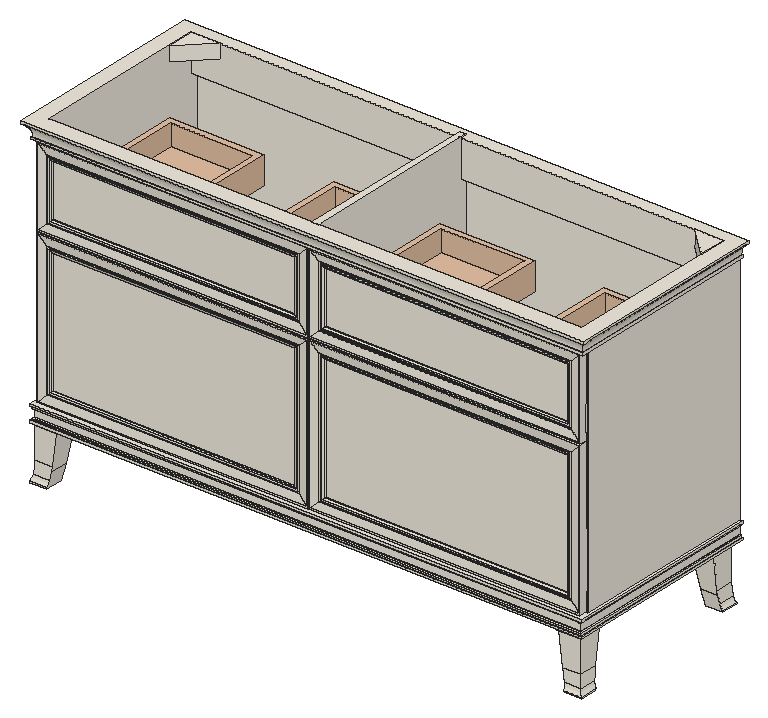
Revit family "Furniture-Floor_Mount-Vanity-KOHLER-Artifacts-K-33560", category Casework, host Face, Revit 2022 (continued)
Definition of nested family "K-33560"
  Forms (in)
    Extrusion 98, solid, detail levels medium+fine
      sketch origin (16.76609, 0, -0.01087) x (-1, 0, 0) y (0, 0, -1)
        loop
          line (15.20556, -10.63015) -> (15.3947, -10.59077)
      from -6.71135 to -6.65308
    Extrusion 99, solid, detail levels medium+fine
      sketch origin (28.77921, 0, -15.15743) x (-1, 0, 0) y (0, 0, -1)
        loop
          line (27.30906, -25.89359) -> (27.30906, -25.76761) -> (27.44685, -25.76761) -> (27.44685, -25.23611) -> (26.58071, -25.23611) -> (26.58071, -25.89359) -> (27.30906, -25.89359)
      from -6.65308 to -5.81042
    Extrusion 100, solid, detail levels medium+fine
      sketch origin (12.01312, 0, -0.01087) x (1, 0, 0) y (0, 0, 1)
        loop
          line (15.3947, 10.59077) -> (15.20556, 10.63015)
          arc (15.20556, 10.63015) -> (14.69655, 10.40376) -> (15.20556, 10.17738) r 0.30485
          line (15.20556, 10.17738) -> (15.3947, 10.21676) -> (15.50202, 10.21676) -> (15.58651, 10.40376) -> (15.50202, 10.59077) -> (15.3947, 10.59077)
      from -6.71135 to -6.65308
    Extrusion 101, solid, detail levels medium+fine
      sketch origin (0, 0, -15.15743) x (1, 0, 0) y (0, 0, 1)
        loop
          line (27.30906, 25.89359) -> (26.58071, 25.89359) -> (26.58071, 25.23611) -> (27.44685, 25.23611) -> (27.44685, 25.76761) -> (27.30906, 25.76761) -> (27.30906, 25.89359)
      from -6.65308 to -5.81042
    Extrusion 102, solid, detail levels coarse
      sketch origin (0, 0, 0) x (1, 0, 0) y (0, 1, 0)
        loop
          line (27.61933, 6.71135) -> (26.29098, 6.71135) -> (26.29098, 5.96135) -> (27.61933, 5.96135) -> (27.61933, 6.71135)
      from 9.13364 to 10.90435
    Extrusion 103, solid, detail levels coarse
      sketch origin (28.77921, 0, 0) x (-1, 0, 0) y (0, -1, 0)
        loop
          line (27.61933, -6.71135) -> (27.61933, -5.96135) -> (26.29098, -5.96135) -> (26.29098, -6.71135) -> (27.61933, -6.71135)
      from 9.13364 to 10.90435
    Extrusion 104, solid, detail levels coarse
      sketch origin (0, 0, 0) x (-1, 0, 0) y (0, -1, 0)
        loop
          line (27.61933, -6.71135) -> (27.61933, -5.96135) -> (26.29098, -5.96135) -> (26.29098, -6.71135) -> (27.61933, -6.71135)
      from 9.13364 to 10.90435
    Extrusion 105, solid, detail levels coarse
      sketch origin (-28.77921, 0, 0) x (1, 0, 0) y (0, 1, 0)
        loop
          line (27.61933, 6.71135) -> (26.29098, 6.71135) -> (26.29098, 5.96135) -> (27.61933, 5.96135) -> (27.61933, 6.71135)
      from 9.13364 to 10.90435
  Cuts and joins
    joined: Sweep 7, Extrusion 8
    joined: Sweep 10, Extrusion 12
    joined: Extrusion 4, Sweep 5, Extrusion 6, Extrusion 9, Sweep 11, Extrusion 13
    Extrusion 15 cuts Extrusion 14
    Extrusion 15 cuts Extrusion 16
    Extrusion 19 cuts Extrusion 17
    Extrusion 19 cuts Extrusion 18
    Extrusion 3, Extrusion 61, Extrusion 62 cuts Sweep 1
    Extrusion 3, Extrusion 63 cuts Extrusion 2
    joined: Sweep 1, Extrusion 2
    Extrusion 28 cuts Extrusion 27
    Extrusion 29 cuts Extrusion 30
    Extrusion 3 cuts Sweep 64
    Extrusion 3 cuts Extrusion 65
    joined: Sweep 64, Extrusion 65
    joined: Sweep 68, Extrusion 69
    joined: Sweep 70, Extrusion 71
    joined: Extrusion 74, Sweep 75
    joined: Sweep 72, Extrusion 73
    Extrusion 94 cuts Extrusion 23
    Extrusion 94 cuts Extrusion 21
  Lines and regions (in)
    Masking region 1
      outline origin (0, 1.36413, 0) x (0, 1, 0) y (0, 0, 1)
        loop
          line (-12.56492, 34.48797) -> (-12.56492, 34.17301)
          arc (-12.56492, 34.17301) -> (-12.01259, 33.64898) -> (-11.81689, 32.91319) r 1.39763
          line (-11.81689, 32.91319) -> (-11.935, 32.91319) -> (-11.935, 32.67697) -> (-10.83264, 32.67697) -> (-10.83264, 27.71645) -> (-10.87129, 27.71645)
          arc (-10.87129, 27.71645) -> (-10.9274, 27.69321) -> (-10.95064, 27.63709) r 0.07936
          line (-10.95064, 27.63709) -> (-10.95064, 32.55897) -> (-11.73804, 32.55897) -> (-11.73804, 23.97629) -> (-10.95064, 23.97629) -> (-10.95064, 24.76369) -> (-10.83264, 24.76369) -> (-10.83264, 15.51233) -> (-10.8725, 15.51233)
          arc (-10.8725, 15.51233) -> (-10.92775, 15.48944) -> (-10.95064, 15.43419) r 0.07814
          line (-10.95064, 15.43419) -> (-10.95064, 23.85848) -> (-11.73804, 23.85848) -> (-11.73804, 7.63801) -> (-10.95064, 7.63801) -> (-10.95064, 9.60682) -> (-10.83264, 9.60682) -> (-10.83264, 7.51946) -> (-12.09248, 7.51946) -> (-12.09248, 7.28324) -> (-11.97433, 7.28324) -> (-11.97433, 7.16513)
          arc (-11.97433, 7.16513) -> (-11.92386, 7.11349) -> (-11.89563, 7.04702) r 0.19515
          line (-11.89563, 7.04702) -> (-11.77748, 7.04702) -> (-11.77748, 6.18088) -> (-11.89563, 6.18088)
          arc (-11.89563, 6.18088) -> (-11.92383, 6.11439) -> (-11.97433, 6.06277) r 0.19455
          line (-11.97433, 6.06277) -> (-11.97433, 5.94466) -> (-12.09248, 5.94466) -> (-12.09248, 5.70844) -> (-11.77641, 5.70844) -> (-11.77641, 2.07893)
          arc (-11.77641, 2.07893) -> (-11.79711, 1.43081) -> (-11.85913, 0.78533) r 10.15706
          arc (-11.85913, 0.78533) -> (-11.93946, 0.43926) -> (-12.09138, 0.11812) r 1.66494
          line (-12.09138, 0.11812) -> (-12.09138, 0) -> (-10.28035, 0) -> (-10.2487, 0.11812)
          arc (-10.2487, 0.11812) -> (-10.16626, 0.45028) -> (-10.09618, 0.78527) r 9.24047
          arc (-10.09618, 0.78527) -> (-10.02912, 1.15598) -> (-9.96859, 1.52781) r 21.45238
          line (-9.96859, 1.52781) -> (-9.41421, 5.47244) -> (-7.51622, 5.47244) -> (-7.51622, 5.70844) -> (3.96134, 5.70844) -> (3.96134, 5.47244) -> (5.46586, 5.47244) -> (6.02025, 1.52781)
          arc (6.02025, 1.52781) -> (6.08078, 1.15598) -> (6.14783, 0.78527) r 21.45238
          arc (6.14783, 0.78527) -> (6.21792, 0.45028) -> (6.30036, 0.11812) r 9.24047
          line (6.30036, 0.11812) -> (6.33201, 0) -> (8.14303, 0) -> (8.14303, 0.11812)
          arc (8.14303, 0.11812) -> (7.99111, 0.43926) -> (7.91078, 0.78533) r 1.66494
          arc (7.91078, 0.78533) -> (7.84877, 1.43081) -> (7.82807, 2.07893) r 10.15706
          line (7.82807, 2.07893) -> (7.82807, 5.70844) -> (9.32484, 5.70844) -> (9.32484, 34.48797) -> (-12.56492, 34.48797)
    Masking region 2
      outline origin (0, 0, 0) x (1, 0, 0) y (0, 0, 1)
        loop
          line (-30, 34.48797) -> (-30, 34.17301)
          arc (-30, 34.17301) -> (-29.45442, 33.64495) -> (-29.25197, 32.91317) r 1.44471
          line (-29.25197, 32.91317) -> (-29.37008, 32.91317) -> (-29.37008, 32.67694) -> (-29.05512, 32.67694) -> (-29.05512, 7.51946) -> (-29.37008, 7.51946) -> (-29.37008, 7.28324) -> (-29.25197, 7.28324) -> (-29.25197, 7.16513)
          arc (-29.25197, 7.16513) -> (-29.20101, 7.1138) -> (-29.17323, 7.04702) r 0.18791
          line (-29.17323, 7.04702) -> (-29.05512, 7.04702) -> (-29.05512, 6.18088) -> (-29.17323, 6.18088)
          arc (-29.17323, 6.18088) -> (-29.20143, 6.11438) -> (-29.25197, 6.06277) r 0.19437
          line (-29.25197, 6.06277) -> (-29.25197, 5.94466) -> (-29.37008, 5.94466) -> (-29.37008, 5.70844) -> (-28.85802, 5.70844) -> (-28.85802, 2.07893)
          arc (-28.85802, 2.07893) -> (-28.87509, 1.43058) -> (-28.94073, 0.78533) r 8.64397
          arc (-28.94073, 0.78533) -> (-29.02404, 0.4403) -> (-29.17298, 0.11811) r 1.81328
          line (-29.17298, 0.11811) -> (-29.17298, 0) -> (-27.36195, 0)
          arc (-27.36195, 0) -> (-27.17887, 0.78501) -> (-27.04292, 1.57954) r 13.51115
          line (-27.04292, 1.57954) -> (-26.49581, 5.47244) -> (-24.5941, 5.47244) -> (-24.5941, 5.70844) -> (24.5941, 5.70844) -> (24.5941, 5.47244) -> (26.49581, 5.47244) -> (27.04292, 1.57954)
          arc (27.04292, 1.57954) -> (27.17887, 0.78501) -> (27.36195, 0) r 13.51115
          line (27.36195, 0) -> (29.17298, 0) -> (29.17298, 0.11811)
          arc (29.17298, 0.11811) -> (29.02404, 0.4403) -> (28.94073, 0.78533) r 1.81328
          arc (28.94073, 0.78533) -> (28.87509, 1.43058) -> (28.85802, 2.07893) r 8.64397
          line (28.85802, 2.07893) -> (28.85802, 5.70844) -> (29.37008, 5.70844) -> (29.37008, 5.94466) -> (29.25197, 5.94466) -> (29.25197, 6.06277)
          arc (29.25197, 6.06277) -> (29.20143, 6.11438) -> (29.17323, 6.18088) r 0.19437
          line (29.17323, 6.18088) -> (29.05512, 6.18088) -> (29.05512, 7.04702) -> (29.17323, 7.04702)
          arc (29.17323, 7.04702) -> (29.20101, 7.1138) -> (29.25197, 7.16513) r 0.18791
          line (29.25197, 7.16513) -> (29.25197, 7.28324) -> (29.37008, 7.28324) -> (29.37008, 7.51946) -> (29.05512, 7.51946) -> (29.05512, 32.67694) -> (29.37008, 32.67694) -> (29.37008, 32.91317) -> (29.25197, 32.91317)
          arc (29.25197, 32.91317) -> (29.45442, 33.64495) -> (30, 34.17301) r 1.44471
          line (30, 34.17301) -> (30, 34.48797) -> (-0.21116, 34.48797) -> (-30, 34.48797)
    Masking region 3
      outline origin (0, 0, 0) x (1, 0, 0) y (0, 1, 0)
        loop
          line (-30, 10.68898) -> (-30, -11.20079) -> (30, -11.20079) -> (30, 10.68898) -> (28.11023, 10.68898) -> (28.11023, 10.64961) -> (0, 10.64961) -> (-28.11023, 10.64961) -> (-28.11023, 10.68898) -> (-30, 10.68898)
    symbolic lines, detail levels medium+fine
      curve 1: line (0, -9.4685, 27.71643) -> (0, -9.4685, 24.76356)
      curve 2: line (0, -9.5865, 15.43698) -> (0, -9.5865, 9.60118)
      curve 3: line (0, -9.4685, 15.51164) -> (0, -9.4685, 9.60118)
      curve 4: line (0, 9.1922, 5.70844) -> (0, 5.32548, 5.70844)
      curve 5: line (0, -6.15208, 5.70844) -> (0, -10.41228, 5.70844)
      curve 6: line (0, -10.61019, 7.28324) -> (0, 10.68898, 7.28324)
      curve 7: line (0, -9.4685, 7.51946) -> (0, 10.68898, 7.51946)
      curve 8: line (0, -10.61019, 7.16513) -> (0, 10.68898, 7.16513)
      curve 9: line (0, -10.41334, 7.04702) -> (0, 10.68898, 7.04702)
      curve 10: line (0, -10.41339, 6.18088) -> (0, 10.68893, 6.18088)
      curve 11: line (0, -10.61019, 6.06277) -> (0, 10.68893, 6.06277)
      curve 12: line (0, -10.61024, 5.94466) -> (0, 10.68893, 5.94466)
      curve 13: line (0, -9.4685, 32.67694) -> (0, 10.68898, 32.67694)
      curve 14: line (0, 6.83, 5.4726) -> (0, 9.19265, 5.4726)
      curve 15: line (0, -7.88001, 5.47244) -> (0, -10.41228, 5.47244)
      curve 16: line (0, 6.83, 5.4726) -> (0, 6.83, 5.70844)
      curve 17: line (0, -7.88001, 5.47244) -> (0, -7.88001, 5.70844)
      curve 18: line (0, -11.20079, 34.17301) -> (0, 10.68898, 34.17301)
      curve 19: line (0, -10.45276, 32.91317) -> (0, 10.68898, 32.91317)
      curve 20: line (0, -9.58651, 27.63709) -> (0, -9.58651, 24.76369)
      curve 21: line (-30, 0, 34.17301) -> (30, 0, 34.17301)
      curve 22: line (-29.05512, 0, 32.67694) -> (29.05512, 0, 32.67694)
      curve 23: line (29.25197, 0, 32.91317) -> (-29.25197, 0, 32.91317)
      curve 24: line (-29.05512, 0, 7.51946) -> (29.05512, 0, 7.51946)
      curve 25: line (29.25197, 0, 7.28324) -> (-29.25197, 0, 7.28324)
      curve 26: line (-29.25197, 0, 7.16513) -> (29.25197, 0, 7.16513)
      curve 27: line (29.05512, 0, 7.04702) -> (-29.05512, 0, 7.04702)
      curve 28: line (-28.85802, 0, 5.70844) -> (-24.57572, 0, 5.70844)
      curve 29: line (29.25197, 0, 5.94466) -> (-29.25197, 0, 5.94466)
      curve 30: line (-29.25197, 0, 6.06277) -> (29.25197, 0, 6.06277)
      curve 31: line (29.05512, 0, 6.18088) -> (-29.05512, 0, 6.18088)
      curve 32: line (-26.49581, 0, 5.47244) -> (-28.85802, 0, 5.47244)
      curve 33: line (-28.95669, 0, 32.55883) -> (-28.95669, 0, 23.97616)
      curve 34: line (-0.05905, 0, 32.55883) -> (-28.95669, 0, 32.55883)
      curve 35: line (-0.17716, 0, 32.44072) -> (-28.83858, 0, 32.44072)
      curve 36: line (-27.42126, 0, 31.0234) -> (-28.95669, 0, 32.55883)
      curve 37: line (-28.83858, 0, 32.44072) -> (-28.83858, 0, 24.09427)
      curve 38: line (-28.95669, 0, 23.97616) -> (-0.05905, 0, 23.97616)
      curve 39: line (-28.83858, 0, 24.09427) -> (-0.17716, 0, 24.09427)
      curve 40: line (-27.42126, 0, 25.51159) -> (-28.95669, 0, 23.97616)
      curve 41: line (-27.97244, 0, 31.57458) -> (-27.97244, 0, 24.96041)
      curve 42: line (-27.95275, 0, 24.98009) -> (-27.95275, 0, 31.5549)
      curve 43: line (-1.04331, 0, 24.98009) -> (-27.95275, 0, 24.98009)
      curve 44: line (-27.97244, 0, 24.96041) -> (-1.06299, 0, 24.96041)
      curve 45: line (-27.79527, 0, 25.13757) -> (-1.22047, 0, 25.13757)
      curve 46: line (-27.77559, 0, 31.37773) -> (-27.77559, 0, 25.15726)
      curve 47: line (-27.79527, 0, 31.39742) -> (-27.79527, 0, 25.13757)
      curve 48: line (-27.77559, 0, 25.15726) -> (-1.24016, 0, 25.15726)
      curve 49: line (-27.79527, 0, 25.13757) -> (-1.22047, 0, 25.13757)
      curve 50: line (-27.65748, 0, 25.27537) -> (-1.35827, 0, 25.27537)
      curve 51: line (-27.65748, 0, 31.25962) -> (-27.65748, 0, 25.27537)
      curve 52: line (-27.42126, 0, 31.0234) -> (-27.42126, 0, 25.51159)
      curve 53: line (-27.46063, 0, 31.06277) -> (-27.46063, 0, 25.47222)
      curve 54: line (-1.04331, 0, 31.57458) -> (-27.97244, 0, 31.57458)
      curve 55: line (-27.95275, 0, 31.5549) -> (-1.06299, 0, 31.5549)
      curve 56: line (-1.22047, 0, 31.39742) -> (-27.79527, 0, 31.39742)
      curve 57: line (-1.24016, 0, 31.37773) -> (-27.77559, 0, 31.37773)
      curve 58: line (-1.35827, 0, 31.25962) -> (-27.65748, 0, 31.25962)
      curve 59: line (-1.55512, 0, 31.06277) -> (-27.46063, 0, 31.06277)
      curve 60: line (-1.59449, 0, 31.0234) -> (-27.42126, 0, 31.0234)
      curve 61: line (-1.04331, 0, 24.98009) -> (-1.04331, 0, 31.57458)
      curve 62: line (-1.06299, 0, 31.5549) -> (-1.06299, 0, 24.96041)
      curve 63: line (-1.22047, 0, 25.13757) -> (-1.22047, 0, 31.39742)
      curve 64: line (-1.24016, 0, 25.15726) -> (-1.24016, 0, 31.37773)
      curve 65: line (-1.35827, 0, 25.27537) -> (-1.35827, 0, 31.25962)
      curve 66: line (-1.55512, 0, 25.47222) -> (-1.55512, 0, 31.06277)
      curve 67: line (-1.59449, 0, 25.51159) -> (-1.59449, 0, 31.0234)
      curve 68: line (-0.05905, 0, 32.55883) -> (-1.59449, 0, 31.0234)
      curve 69: line (-0.17716, 0, 24.09427) -> (-0.17716, 0, 32.44072)
      curve 70: line (-0.05905, 0, 23.97616) -> (-0.05905, 0, 32.55883)
      curve 71: line (-0.05905, 0, 23.97616) -> (-1.59449, 0, 25.51159)
      curve 72: line (-0.05905, 0, 23.85805) -> (-28.95669, 0, 23.85805)
      curve 73: line (-28.95669, 0, 23.85805) -> (-28.95669, 0, 7.63757)
      curve 74: line (-28.83858, 0, 23.73994) -> (-28.83858, 0, 7.75569)
      curve 75: line (-28.83858, 0, 7.75569) -> (-0.17716, 0, 7.75569)
      curve 76: line (-28.95669, 0, 7.63757) -> (-0.05905, 0, 7.63757)
      curve 77: line (-27.42126, 0, 9.17301) -> (-28.95669, 0, 7.63757)
      curve 78: line (-28.34646, 0, 7.63757) -> (-28.34646, 0, 7.51946)
      curve 79: line (-28.3447, 0, 32.55883) -> (-28.3447, 0, 32.67694)
      curve 80: line (-0.17716, 0, 23.73994) -> (-28.83858, 0, 23.73994)
      curve 81: line (-27.97244, 0, 22.8738) -> (-27.97244, 0, 8.62183)
      curve 82: line (-27.95275, 0, 8.64151) -> (-27.95275, 0, 22.85411)
      curve 83: line (-27.79527, 0, 22.69663) -> (-27.79527, 0, 8.79899)
      curve 84: line (-27.77559, 0, 22.67694) -> (-27.77559, 0, 8.81868)
      curve 85: line (-27.65748, 0, 22.55883) -> (-27.65748, 0, 8.93679)
      curve 86: line (-27.46063, 0, 22.36198) -> (-27.46063, 0, 9.13364)
      curve 87: line (-27.42126, 0, 22.32261) -> (-27.42126, 0, 9.17301)
      curve 88: line (-27.42126, 0, 22.32261) -> (-28.95669, 0, 23.85805)
      curve 89: line (-1.04331, 0, 22.8738) -> (-27.97244, 0, 22.8738)
      curve 90: line (-27.95275, 0, 22.85411) -> (-1.06299, 0, 22.85411)
      curve 91: line (-1.24016, 0, 22.67694) -> (-27.77559, 0, 22.67694)
      curve 92: line (-1.22047, 0, 22.69663) -> (-27.79527, 0, 22.69663)
      curve 93: line (-1.35827, 0, 22.55883) -> (-27.65748, 0, 22.55883)
      curve 94: line (-1.55512, 0, 22.36198) -> (-27.46063, 0, 22.36198)
      curve 95: line (-1.59449, 0, 22.32261) -> (-27.42126, 0, 22.32261)
      curve 96: line (-27.42126, 0, 9.17301) -> (-1.59449, 0, 9.17301)
      curve 97: line (-27.46063, 0, 9.13364) -> (-1.55512, 0, 9.13364)
      curve 98: line (-1.37795, 0, 8.93679) -> (-27.65748, 0, 8.93679)
      curve 99: line (-27.77559, 0, 8.81868) -> (-1.24016, 0, 8.81868)
      curve 100: line (-27.79527, 0, 8.79899) -> (-1.22047, 0, 8.79899)
      curve 101: line (-27.97244, 0, 8.62183) -> (-1.04331, 0, 8.62183)
      curve 102: line (-1.06299, 0, 8.64151) -> (-27.95275, 0, 8.64151)
      curve 103: line (-0.05905, 0, 7.63757) -> (-0.05905, 0, 23.85805)
      curve 104: line (-0.17716, 0, 7.75569) -> (-0.17716, 0, 23.73994)
      curve 105: line (-1.04331, 0, 8.62183) -> (-1.04331, 0, 22.8738)
      curve 106: line (-1.06299, 0, 22.85411) -> (-1.06299, 0, 8.64151)
      curve 107: line (-1.24016, 0, 8.81868) -> (-1.24016, 0, 22.67694)
      curve 108: line (-1.22047, 0, 8.79899) -> (-1.22047, 0, 22.69663)
      curve 109: line (-1.35827, 0, 8.93679) -> (-1.35827, 0, 22.55883)
      curve 110: line (-1.55512, 0, 9.13364) -> (-1.55512, 0, 22.36198)
      curve 111: line (-1.59449, 0, 9.17301) -> (-1.59449, 0, 22.32261)
      curve 112: line (-0.05905, 0, 23.85805) -> (-1.59449, 0, 22.32261)
      curve 113: line (-0.05905, 0, 7.63757) -> (-1.59449, 0, 9.17301)
      curve 114: line (26.49581, 0, 5.47244) -> (28.85802, 0, 5.47244)
      curve 115: line (28.95669, 0, 32.55883) -> (28.95669, 0, 23.97616)
      curve 116: line (0.05905, 0, 32.55883) -> (28.95669, 0, 32.55883)
      curve 117: line (0.17716, 0, 32.44072) -> (28.83858, 0, 32.44072)
      curve 118: line (27.42126, 0, 31.0234) -> (28.95669, 0, 32.55883)
      curve 119: line (28.83858, 0, 32.44072) -> (28.83858, 0, 24.09427)
      curve 120: line (28.95669, 0, 23.97616) -> (0.05905, 0, 23.97616)
      curve 121: line (28.83858, 0, 24.09427) -> (0.17716, 0, 24.09427)
      curve 122: line (27.42126, 0, 25.51159) -> (28.95669, 0, 23.97616)
      curve 123: line (27.97244, 0, 31.57458) -> (27.97244, 0, 24.96041)
      curve 124: line (27.95275, 0, 24.98009) -> (27.95275, 0, 31.5549)
      curve 125: line (1.04331, 0, 24.98009) -> (27.95275, 0, 24.98009)
      curve 126: line (27.97244, 0, 24.96041) -> (1.06299, 0, 24.96041)
      curve 127: line (27.79527, 0, 25.13757) -> (1.22047, 0, 25.13757)
      curve 128: line (27.77559, 0, 31.37773) -> (27.77559, 0, 25.15726)
      curve 129: line (27.79527, 0, 31.39742) -> (27.79527, 0, 25.13757)
      curve 130: line (27.77559, 0, 25.15726) -> (1.24016, 0, 25.15726)
      curve 131: line (27.79527, 0, 25.13757) -> (1.22047, 0, 25.13757)
      curve 132: line (27.65748, 0, 25.27537) -> (1.35827, 0, 25.27537)
      curve 133: line (27.65748, 0, 31.25962) -> (27.65748, 0, 25.27537)
      curve 134: line (27.42126, 0, 31.0234) -> (27.42126, 0, 25.51159)
      curve 135: line (27.46063, 0, 31.06277) -> (27.46063, 0, 25.47222)
      curve 136: line (1.04331, 0, 31.57458) -> (27.97244, 0, 31.57458)
      curve 137: line (27.95275, 0, 31.5549) -> (1.06299, 0, 31.5549)
      curve 138: line (1.22047, 0, 31.39742) -> (27.79527, 0, 31.39742)
      curve 139: line (1.24016, 0, 31.37773) -> (27.77559, 0, 31.37773)
      curve 140: line (1.35827, 0, 31.25962) -> (27.65748, 0, 31.25962)
      curve 141: line (1.55512, 0, 31.06277) -> (27.46063, 0, 31.06277)
      curve 142: line (1.59449, 0, 31.0234) -> (27.42126, 0, 31.0234)
      curve 143: line (1.04331, 0, 24.98009) -> (1.04331, 0, 31.57458)
      curve 144: line (1.06299, 0, 31.5549) -> (1.06299, 0, 24.96041)
      curve 145: line (1.22047, 0, 25.13757) -> (1.22047, 0, 31.39742)
      curve 146: line (1.24016, 0, 25.15726) -> (1.24016, 0, 31.37773)
      curve 147: line (1.35827, 0, 25.27537) -> (1.35827, 0, 31.25962)
      curve 148: line (1.55512, 0, 25.47222) -> (1.55512, 0, 31.06277)
      curve 149: line (1.59449, 0, 25.51159) -> (1.59449, 0, 31.0234)
      curve 150: line (0.05905, 0, 32.55883) -> (1.59449, 0, 31.0234)
      curve 151: line (0.17716, 0, 24.09427) -> (0.17716, 0, 32.44072)
      curve 152: line (0.05905, 0, 23.97616) -> (0.05905, 0, 32.55883)
      curve 153: line (0.05905, 0, 23.97616) -> (1.59449, 0, 25.51159)
      curve 154: line (0.05905, 0, 23.85805) -> (28.95669, 0, 23.85805)
      curve 155: line (28.95669, 0, 23.85805) -> (28.95669, 0, 7.63757)
      curve 156: line (28.83858, 0, 23.73994) -> (28.83858, 0, 7.75569)
      curve 157: line (28.83858, 0, 7.75569) -> (0.17716, 0, 7.75569)
      curve 158: line (28.95669, 0, 7.63757) -> (0.05905, 0, 7.63757)
      curve 159: line (27.42126, 0, 9.17301) -> (28.95669, 0, 7.63757)
      curve 160: line (28.34646, 0, 7.63757) -> (28.34646, 0, 7.51946)
      curve 161: line (28.3447, 0, 32.55883) -> (28.3447, 0, 32.67694)
      curve 162: line (0.17716, 0, 23.73994) -> (28.83858, 0, 23.73994)
      curve 163: line (27.97244, 0, 22.8738) -> (27.97244, 0, 8.62183)
      curve 164: line (27.95275, 0, 8.64151) -> (27.95275, 0, 22.85411)
      curve 165: line (27.79527, 0, 22.69663) -> (27.79527, 0, 8.79899)
      curve 166: line (27.77559, 0, 22.67694) -> (27.77559, 0, 8.81868)
      curve 167: line (27.65748, 0, 22.55883) -> (27.65748, 0, 8.93679)
      curve 168: line (27.46063, 0, 22.36198) -> (27.46063, 0, 9.13364)
      curve 169: line (27.42126, 0, 22.32261) -> (27.42126, 0, 9.17301)
      curve 170: line (27.42126, 0, 22.32261) -> (28.95669, 0, 23.85805)
      curve 171: line (1.04331, 0, 22.8738) -> (27.97244, 0, 22.8738)
      curve 172: line (27.95275, 0, 22.85411) -> (1.06299, 0, 22.85411)
      curve 173: line (1.24016, 0, 22.67694) -> (27.77559, 0, 22.67694)
      curve 174: line (1.22047, 0, 22.69663) -> (27.79527, 0, 22.69663)
      curve 175: line (1.35827, 0, 22.55883) -> (27.65748, 0, 22.55883)
      curve 176: line (1.55512, 0, 22.36198) -> (27.46063, 0, 22.36198)
      curve 177: line (1.59449, 0, 22.32261) -> (27.42126, 0, 22.32261)
      curve 178: line (27.42126, 0, 9.17301) -> (1.59449, 0, 9.17301)
      curve 179: line (27.46063, 0, 9.13364) -> (1.55512, 0, 9.13364)
      curve 180: line (1.37795, 0, 8.93679) -> (27.65748, 0, 8.93679)
      curve 181: line (27.77559, 0, 8.81868) -> (1.24016, 0, 8.81868)
      curve 182: line (27.79527, 0, 8.79899) -> (1.22047, 0, 8.79899)
      curve 183: line (27.97244, 0, 8.62183) -> (1.04331, 0, 8.62183)
      curve 184: line (1.06299, 0, 8.64151) -> (27.95275, 0, 8.64151)
      curve 185: line (0.05905, 0, 7.63757) -> (0.05905, 0, 23.85805)
      curve 186: line (0.17716, 0, 7.75569) -> (0.17716, 0, 23.73994)
      curve 187: line (1.04331, 0, 8.62183) -> (1.04331, 0, 22.8738)
      curve 188: line (1.06299, 0, 22.85411) -> (1.06299, 0, 8.64151)
      curve 189: line (1.24016, 0, 8.81868) -> (1.24016, 0, 22.67694)
      curve 190: line (1.22047, 0, 8.79899) -> (1.22047, 0, 22.69663)
      curve 191: line (1.35827, 0, 8.93679) -> (1.35827, 0, 22.55883)
      curve 192: line (1.55512, 0, 9.13364) -> (1.55512, 0, 22.36198)
      curve 193: line (1.59449, 0, 9.17301) -> (1.59449, 0, 22.32261)
      curve 194: line (0.05905, 0, 23.85805) -> (1.59449, 0, 22.32261)
      curve 195: line (0.05905, 0, 7.63757) -> (1.59449, 0, 9.17301)
      curve 196: line (-0.35433, 0, 32.55883) -> (-0.35433, 0, 32.67694)
      curve 197: line (0.35433, 0, 32.67694) -> (0.35433, 0, 32.55883)
      curve 198: line (-0.35433, 0, 23.97616) -> (-0.35433, 0, 23.85805)
      curve 199: line (0.35433, 0, 23.85805) -> (0.35433, 0, 23.97616)
      curve 200: line (-28.06299, 10.64961, 0) -> (-28.8189, 10.64961, 0)
      curve 201: line (-28.8189, 10.64961, 0) -> (-28.8189, 10.17717, 0)
      curve 202: line (-28.83858, 10.68898, 0) -> (-28.83858, 10.17717, 0)
      curve 203: line (-28.83858, 10.17717, 0) -> (28.8189, 10.17717, 0)
      curve 204: line (-29.05512, -10.25591, 0) -> (-29.05512, 10.68898, 0)
      curve 205: line (-29.05512, -10.25591, 0) -> (-30, -11.20079, 0)
      curve 206: line (-29.05512, -9.4685, 0) -> (29.05512, -9.4685, 0)
      curve 207: line (29.05512, -10.2559, 0) -> (-29.05512, -10.2559, 0)
      curve 208: line (-28.14946, 6.3584, 0) -> (-28.14946, -9.4685, 0)
      curve 209: line (-18.07071, 6.3584, 0) -> (-18.07071, -8.99595, 0)
      curve 210: line (-14.00411, 6.3584, 0) -> (-28.14946, 6.3584, 0)
      curve 211: line (-13.91983, 6.2794, 0) -> (-28.14946, 6.2794, 0)
      curve 212: line (-14.78211, 5.84685, 0) -> (-28.14946, 5.84685, 0)
      curve 213: line (-28.14946, 5.76785, 0) -> (-14.311, 5.76785, 0)
      curve 214: line (-27.5589, -8.99595, 0) -> (-27.5589, 5.76785, 0)
      curve 215: line (-18.66146, 5.76785, 0) -> (-18.66146, -8.99595, 0)
      curve 216: line (-18.58246, -8.99595, 0) -> (-18.58246, 5.76785, 0)
      curve 217: line (-18.1499, 5.76785, 0) -> (-18.1499, -8.99595, 0)
      curve 218: line (-28.14946, -8.20991, 0) -> (-28.34646, -8.20991, 0)
      curve 219: line (-28.34646, -8.93688, 0) -> (-28.14946, -8.93688, 0)
      curve 220: line (-28.27559, 6.01981, 0) -> (-28.27559, -8.93688, 0)
      curve 221: line (-28.23622, 5.24661, 0) -> (-28.23622, -8.93688, 0)
      curve 222: line (-28.34646, 6.01981, 0) -> (-28.14946, 6.01981, 0)
      curve 223: line (-28.23622, 6.01981, 0) -> (-28.23622, -8.93688, 0)
      curve 224: line (-28.15748, 6.01981, 0) -> (-28.15748, 5.41509, 0)
      curve 225: line (-28.14946, 5.41509, 0) -> (-28.22047, 5.41509, 0)
      curve 226: line (-28.22047, 5.41509, 0) -> (-28.22047, 5.24661, 0)
      curve 227: line (-28.34646, 5.24661, 0) -> (-28.14946, 5.24661, 0)
      curve 228: line (-28.15748, 5.24661, 0) -> (-28.15748, 4.64189, 0)
      curve 229: line (-28.22047, 4.64189, 0) -> (-28.14946, 4.64189, 0)
      curve 230: line (-28.22047, 4.64189, 0) -> (-28.22047, -0.55568, 0)
      curve 231: line (-28.34646, 9.46817, 0) -> (28.34646, 9.46817, 0)
      curve 232: line (-28.07046, 5.76785, 0) -> (-28.07046, -8.99595, 0)
      curve 233: line (-28.22047, 4.64189, 0) -> (-28.14946, 4.64189, 0)
      curve 234: line (-28.15748, -8.93688, 0) -> (-28.15748, -6.81091, 0)
      curve 235: line (-27.6379, 5.76785, 0) -> (-27.6379, -8.99595, 0)
      curve 236: line (-28.14946, -9.07495, 0) -> (-0.62936, -9.07495, 0)
      curve 237: line (-28.14946, -6.81091, 0) -> (-28.22047, -6.81091, 0)
      curve 238: line (-28.22047, -6.81091, 0) -> (-28.22047, 2.46308, 0)
      curve 239: line (-10.70811, -4.35151, 0) -> (-18.07071, -4.35151, 0)
      curve 240: line (-18.07071, -4.43051, 0) -> (-10.70811, -4.43051, 0)
      curve 241: line (-18.07071, -4.94207, 0) -> (-10.70811, -4.94207, 0)
      curve 242: line (-10.70811, -4.86307, 0) -> (-18.07071, -4.86307, 0)
      curve 243: line (-10.70811, 6.3584, 0) -> (-10.70811, -8.99595, 0)
      curve 244: line (-10.11736, 5.76785, 0) -> (-10.11736, -8.99595, 0)
      curve 245: line (-10.19636, -8.99595, 0) -> (-10.19636, 5.76785, 0)
      curve 246: line (-10.62891, 5.76785, 0) -> (-10.62891, -8.99595, 0)
      curve 247: line (-0.62936, 6.3584, 0) -> (-0.62936, -9.4685, 0)
      curve 248: line (-14.00411, 6.3584, 0) -> (-0.62936, 6.3584, 0)
      curve 249: line (-13.91983, 6.2794, 0) -> (-0.62936, 6.2794, 0)
      curve 250: line (-14.78211, 5.84685, 0) -> (-0.62936, 5.84685, 0)
      curve 251: line (-0.62936, 5.76785, 0) -> (-14.311, 5.76785, 0)
      curve 252: line (-1.21991, -8.99595, 0) -> (-1.21991, 5.76785, 0)
      curve 253: line (-1.14091, 5.76785, 0) -> (-1.14091, -8.99595, 0)
      curve 254: line (-2.38897, 6.3584, 0) -> (-2.38897, 6.53419, 0)
      curve 255: line (-2.36417, 6.3584, 0) -> (-2.36417, 6.71135, 0)
      curve 256: line (-2.36417, 6.71135, 0) -> (-1.10149, 6.71135, 0)
      curve 257: line (-1.10149, 6.71135, 0) -> (-1.10149, 6.48241, 0)
      curve 258: line (-1.10149, 6.48241, 0) -> (-1.22811, 6.48241, 0)
      curve 259: line (-2.38897, 6.53419, 0) -> (-2.36417, 6.55899, 0)
      curve 260: line (-1.99267, 6.65308, 0) -> (-1.99267, 6.71135, 0)
      curve 261: line (-1.48244, 6.65308, 0) -> (-1.48244, 6.71135, 0)
      curve 262: line (-1.29331, 6.65308, 0) -> (-1.29331, 6.71135, 0)
      curve 263: line (-2.29727, 6.3584, 0) -> (-2.29727, 6.71135, 0)
      curve 264: line (-2.12008, 6.3584, 0) -> (-2.12008, 6.65308, 0)
      curve 265: line (-1.22811, 6.65308, 0) -> (-2.12008, 6.65308, 0)
      curve 266: line (-1.22811, 6.65308, 0) -> (-1.22811, 6.48241, 0)
      curve 267: line (-1.19488, 6.48241, 0) -> (-1.19488, 6.3584, 0)
      curve 268: line (-1.18598, 6.71135, 0) -> (-1.18598, 6.48241, 0)
      curve 269: line (-1.39173, 6.65308, 0) -> (-1.39173, 6.3584, 0)
      curve 270: line (-1.25394, 6.3584, 0) -> (-1.25394, 6.65308, 0)
      curve 271: line (-0.70876, -8.99595, 0) -> (-0.70876, 5.76785, 0)
      curve 272: line (-28.07006, -8.99595, 0) -> (-28.07006, 5.76785, 0)
      curve 273: line (-0.35433, -8.93688, 0) -> (-0.62936, -8.93688, 0)
      curve 274: line (-0.35433, -9.4685, 0) -> (-0.35433, 9.46817, 0)
      curve 275: line (-0.62936, -8.99595, 0) -> (-28.14946, -8.99595, 0)
      curve 276: line (-0.62936, -8.20991, 0) -> (-0.35433, -8.20991, 0)
      curve 277: line (-0.62936, -6.81091, 0) -> (-0.48031, -6.81091, 0)
      curve 278: line (-0.48031, -6.81091, 0) -> (-0.48031, 4.64189, 0)
      curve 279: line (-0.54331, -8.93688, 0) -> (-0.54331, -6.81091, 0)
      curve 280: line (-0.48031, 4.64189, 0) -> (-0.62936, 4.64189, 0)
      curve 281: line (-0.54331, 5.24661, 0) -> (-0.54331, 4.64189, 0)
      curve 282: line (-0.62936, 5.24661, 0) -> (-0.35433, 5.24661, 0)
      curve 283: line (-0.62936, 5.41447, 0) -> (-0.48031, 5.41447, 0)
      curve 284: line (-0.48031, 5.41447, 0) -> (-0.48031, 5.24661, 0)
      curve 285: line (-0.54331, 5.41447, 0) -> (-0.54331, 6.01981, 0)
      curve 286: line (-0.62936, 6.01981, 0) -> (-0.35433, 6.01981, 0)
      curve 287: line (-0.46457, 6.01981, 0) -> (-0.46457, -8.93688, 0)
      curve 288: line (-0.4252, 6.01981, 0) -> (-0.4252, -8.93688, 0)
      curve 289: line (28.06299, 10.64961, 0) -> (28.8189, 10.64961, 0)
      curve 290: line (28.8189, 10.64961, 0) -> (28.8189, 10.17717, 0)
      curve 291: line (28.83858, 10.68898, 0) -> (28.83858, 10.17717, 0)
      curve 292: line (29.05512, -10.25591, 0) -> (29.05512, 10.68898, 0)
      curve 293: line (29.05512, -10.25591, 0) -> (30, -11.20079, 0)
      curve 294: line (28.14946, 6.3584, 0) -> (28.14946, -9.4685, 0)
      curve 295: line (18.07071, 6.3584, 0) -> (18.07071, -8.99595, 0)
      curve 296: line (27.59929, 6.71135, 0) -> (26.33661, 6.71135, 0)
      curve 297: line (27.59929, 6.48241, 0) -> (27.59929, 6.71135, 0)
      curve 298: line (27.59929, 6.48241, 0) -> (27.47268, 6.48241, 0)
      curve 299: line (27.47268, 6.48241, 0) -> (27.47268, 6.65308, 0)
      curve 300: line (27.47268, 6.65308, 0) -> (26.58071, 6.65308, 0)
      curve 301: line (26.58071, 6.65308, 0) -> (26.58071, 6.3584, 0)
      curve 302: line (27.44685, 6.65308, 0) -> (27.44685, 6.3584, 0)
      curve 303: line (27.30905, 6.3584, 0) -> (27.30905, 6.65308, 0)
      curve 304: line (27.5059, 6.48241, 0) -> (27.5059, 6.3584, 0)
      curve 305: line (27.5589, 6.48241, 0) -> (27.5589, 6.3584, 0)
      curve 306: line (27.5148, 6.71135, 0) -> (27.5148, 6.48241, 0)
      curve 307: line (27.40748, 6.71135, 0) -> (27.40748, 6.65308, 0)
      curve 308: line (27.21835, 6.71135, 0) -> (27.21835, 6.65308, 0)
      curve 309: line (26.70962, 6.71135, 0) -> (26.70962, 6.65308, 0)
      curve 310: line (26.40351, 6.71135, 0) -> (26.40351, 6.3584, 0)
      curve 311: line (26.31181, 6.53419, 0) -> (26.31181, 6.3584, 0)
      curve 312: line (14.55017, 6.3584, 0) -> (28.14946, 6.3584, 0)
      curve 313: line (26.31181, 6.53419, 0) -> (26.33661, 6.55899, 0)
      curve 314: line (14.39549, 6.2794, 0) -> (28.14946, 6.2794, 0)
      curve 315: line (13.89651, 5.84685, 0) -> (28.14946, 5.84685, 0)
      curve 316: line (28.14946, 5.76785, 0) -> (14.21087, 5.76785, 0)
      curve 317: line (27.5589, -8.99595, 0) -> (27.5589, 5.76785, 0)
      curve 318: line (18.66146, 5.76785, 0) -> (18.66146, -8.99595, 0)
      curve 319: line (18.58246, -8.99595, 0) -> (18.58246, 5.76785, 0)
      curve 320: line (18.1499, 5.76785, 0) -> (18.1499, -8.99595, 0)
      curve 321: line (28.14946, -8.20991, 0) -> (28.34646, -8.20991, 0)
      curve 322: line (28.34646, -8.93688, 0) -> (28.14946, -8.93688, 0)
      curve 323: line (28.27559, 6.01981, 0) -> (28.27559, -8.93688, 0)
      curve 324: line (28.23622, 5.24661, 0) -> (28.23622, -8.93688, 0)
      curve 325: line (28.34646, 6.01981, 0) -> (28.14946, 6.01981, 0)
      curve 326: line (28.23622, 6.01981, 0) -> (28.23622, -8.93688, 0)
      curve 327: line (28.15748, 6.01981, 0) -> (28.15748, 5.41509, 0)
      curve 328: line (28.14946, 5.41509, 0) -> (28.22047, 5.41509, 0)
      curve 329: line (28.22047, 5.41509, 0) -> (28.22047, 5.24661, 0)
      curve 330: line (28.34646, 5.24661, 0) -> (28.14946, 5.24661, 0)
      curve 331: line (28.15748, 5.24661, 0) -> (28.15748, 4.64189, 0)
      curve 332: line (28.22047, 4.64189, 0) -> (28.14946, 4.64189, 0)
      curve 333: line (28.22047, 4.64189, 0) -> (28.22047, -0.55568, 0)
      curve 334: line (28.07046, 5.76785, 0) -> (28.07046, -8.99595, 0)
      curve 335: line (28.22047, 4.64189, 0) -> (28.14946, 4.64189, 0)
      curve 336: line (28.15748, -8.93688, 0) -> (28.15748, -6.81091, 0)
      curve 337: line (27.6379, 5.76785, 0) -> (27.6379, -8.99595, 0)
      curve 338: line (28.14946, -9.07495, 0) -> (0.62936, -9.07495, 0)
      curve 339: line (28.14946, -6.81091, 0) -> (28.22047, -6.81091, 0)
      curve 340: line (28.22047, -6.81091, 0) -> (28.22047, 2.46308, 0)
      curve 341: line (10.70811, -4.35151, 0) -> (18.07071, -4.35151, 0)
      curve 342: line (18.07071, -4.43051, 0) -> (10.70811, -4.43051, 0)
      curve 343: line (18.07071, -4.94207, 0) -> (10.70811, -4.94207, 0)
      curve 344: line (10.70811, -4.86307, 0) -> (18.07071, -4.86307, 0)
      curve 345: line (10.70811, 6.3584, 0) -> (10.70811, -8.99595, 0)
      curve 346: line (10.11736, 5.76785, 0) -> (10.11736, -8.99595, 0)
      curve 347: line (10.19636, -8.99595, 0) -> (10.19636, 5.76785, 0)
      curve 348: line (10.62891, 5.76785, 0) -> (10.62891, -8.99595, 0)
      curve 349: line (0.62936, 6.3584, 0) -> (0.62936, -9.4685, 0)
      curve 350: line (14.55017, 6.3584, 0) -> (0.62936, 6.3584, 0)
      curve 351: line (14.39549, 6.2794, 0) -> (0.62936, 6.2794, 0)
      curve 352: line (13.89651, 5.84685, 0) -> (0.62936, 5.84685, 0)
      curve 353: line (0.62936, 5.76785, 0) -> (14.21087, 5.76785, 0)
      curve 354: line (1.21991, -8.99595, 0) -> (1.21991, 5.76785, 0)
      curve 355: line (1.14091, 5.76785, 0) -> (1.14091, -8.99595, 0)
      curve 356: line (0.70876, -8.99595, 0) -> (0.70876, 5.76785, 0)
      curve 357: line (28.07006, -8.99595, 0) -> (28.07006, 5.76785, 0)
      curve 358: line (0.35433, -8.93688, 0) -> (0.62936, -8.93688, 0)
      curve 359: line (0.35433, -9.4685, 0) -> (0.35433, 9.46817, 0)
      curve 360: line (0.62936, -8.99595, 0) -> (28.14946, -8.99595, 0)
      curve 361: line (0.62936, -8.20991, 0) -> (0.35433, -8.20991, 0)
      curve 362: line (0.62936, -6.81091, 0) -> (0.48031, -6.81091, 0)
      curve 363: line (0.48031, -6.81091, 0) -> (0.48031, 4.64189, 0)
      curve 364: line (0.54331, -8.93688, 0) -> (0.54331, -6.81091, 0)
      curve 365: line (0.48031, 4.64189, 0) -> (0.62936, 4.64189, 0)
      curve 366: line (0.54331, 5.24661, 0) -> (0.54331, 4.64189, 0)
      curve 367: line (0.62936, 5.24661, 0) -> (0.35433, 5.24661, 0)
      curve 368: line (0.62936, 5.41447, 0) -> (0.48031, 5.41447, 0)
      curve 369: line (0.48031, 5.41447, 0) -> (0.48031, 5.24661, 0)
      curve 370: line (0.54331, 5.41447, 0) -> (0.54331, 6.01981, 0)
      curve 371: line (0.62936, 6.01981, 0) -> (0.35433, 6.01981, 0)
      curve 372: line (0.46457, 6.01981, 0) -> (0.46457, -8.93688, 0)
      curve 373: line (0.4252, 6.01981, 0) -> (0.4252, -8.93688, 0)
      curve 374: line (-28.34646, -9.4685, 0) -> (-28.34646, 10.17717, 0)
      curve 375: line (28.34646, -9.4685, 0) -> (28.34646, 10.17717, 0)
      curve 376: line (26.33661, 6.3584, 0) -> (26.33661, 6.71135, 0)
      curve 377: line (24.59007, 0, 5.70844) -> (29.05512, 0, 5.70844)
      curve 378: line (25.32058, 9.46817, 0) -> (28.34646, 6.44229, 0)
      curve 379: line (3.45863, 9.46817, 0) -> (0.35433, 6.36386, 0)
      curve 380: line (-25.32058, 9.46817, 0) -> (-28.34646, 6.44229, 0)
      curve 381: line (-3.45863, 9.46817, 0) -> (-0.35433, 6.36386, 0)
      curve 382: line (2.38897, 6.3584, 0) -> (2.38897, 6.53419, 0)
      curve 383: line (2.36417, 6.3584, 0) -> (2.36417, 6.71135, 0)
      curve 384: line (2.36417, 6.71135, 0) -> (1.10149, 6.71135, 0)
      curve 385: line (1.10149, 6.71135, 0) -> (1.10149, 6.48241, 0)
      curve 386: line (1.10149, 6.48241, 0) -> (1.22811, 6.48241, 0)
      curve 387: line (2.38897, 6.53419, 0) -> (2.36417, 6.55899, 0)
      curve 388: line (1.99267, 6.65308, 0) -> (1.99267, 6.71135, 0)
      curve 389: line (1.48244, 6.65308, 0) -> (1.48244, 6.71135, 0)
      curve 390: line (1.29331, 6.65308, 0) -> (1.29331, 6.71135, 0)
      curve 391: line (2.29727, 6.3584, 0) -> (2.29727, 6.71135, 0)
      curve 392: line (2.12008, 6.3584, 0) -> (2.12008, 6.65308, 0)
      curve 393: line (1.22811, 6.65308, 0) -> (2.12008, 6.65308, 0)
      curve 394: line (1.22811, 6.65308, 0) -> (1.22811, 6.48241, 0)
      curve 395: line (1.19488, 6.48241, 0) -> (1.19488, 6.3584, 0)
      curve 396: line (1.18598, 6.71135, 0) -> (1.18598, 6.48241, 0)
      curve 397: line (1.39173, 6.65308, 0) -> (1.39173, 6.3584, 0)
      curve 398: line (1.25394, 6.3584, 0) -> (1.25394, 6.65308, 0)
      curve 399: line (-26.39024, 6.3584, 0) -> (-26.39024, 6.53419, 0)
      curve 400: line (-26.41504, 6.3584, 0) -> (-26.41504, 6.71135, 0)
      curve 401: line (-26.41504, 6.71135, 0) -> (-27.67772, 6.71135, 0)
      curve 402: line (-27.67772, 6.71135, 0) -> (-27.67772, 6.48241, 0)
      curve 403: line (-27.67772, 6.48241, 0) -> (-27.5511, 6.48241, 0)
      curve 404: line (-26.39024, 6.53419, 0) -> (-26.41504, 6.55899, 0)
      curve 405: line (-26.78654, 6.65308, 0) -> (-26.78654, 6.71135, 0)
      curve 406: line (-27.29677, 6.65308, 0) -> (-27.29677, 6.71135, 0)
      curve 407: line (-27.4859, 6.65308, 0) -> (-27.4859, 6.71135, 0)
      curve 408: line (-26.48194, 6.3584, 0) -> (-26.48194, 6.71135, 0)
      curve 409: line (-26.65913, 6.3584, 0) -> (-26.65913, 6.65308, 0)
      curve 410: line (-27.5511, 6.65308, 0) -> (-26.65913, 6.65308, 0)
      curve 411: line (-27.5511, 6.65308, 0) -> (-27.5511, 6.48241, 0)
      curve 412: line (-27.58433, 6.48241, 0) -> (-27.58433, 6.3584, 0)
      curve 413: line (-27.59323, 6.71135, 0) -> (-27.59323, 6.48241, 0)
      curve 414: line (-27.38748, 6.65308, 0) -> (-27.38748, 6.3584, 0)
      curve 415: line (-27.52527, 6.3584, 0) -> (-27.52527, 6.65308, 0)
  Dimensions and locks (in)
    locked: plane 4 to level at 34.48797
    locked: plane 5 to level at 5.70844
    locked: plane 6 to plane 7 at 60
    plane 11 to plane 8 = 21.88976"
    cut or joined group of Sweep 72, Extrusion 73 to cut or joined group of Extrusion 4, Sweep 5, Extrusion 6, Extrusion 9, Sweep 11, Extrusion 13 = 28.89764"
    plane 5 to level = 5.70844"
    plane 9 to plane 10 = 18.4252"
    plane 17 to plane 16 = 56.53543"
    aligned and locked: plane 2 to level
Types (6): name | Type | Model | Product Finish | Finish
  (no name) | 1 | "K-33560-1WA" | Kohler-Wood-1WA-Linen_White | "Kohler-Wood-1WA-Linen White"
  1WA-Linen White | 1 | "K-33560-1WA" | Kohler-Wood-1WA-Linen_White | "Kohler-Wood-1WA-Linen White"
  1WX-New Dark Grey | 2 | "K-33560-1WX" | KOHLER-Wood-1WX-New_Dark_Grey | "Kohler-Wood-1WX-New_Dark_Grey"
  AGA-Ash Grey | 3 | "K-33560-AGA" | KOHLER-Wood-AGA-Ash_Grey | "KOHLER-Wood-AGA-Ash_Grey"
  WEK-Weathered Oak | 5 | "K-33560-WEK" | KOHLER-Wood-WEK-Weathered_Oak | "KOHLER-Wood-WEK-Weathered_Oak"
  BWK-Carbon Oak | 4 | "K-33560-BWK" | KOHLER-Wood-BWK-Carbon_Oak | "KOHLER-Wood-BWK-Carbon_Oak"
